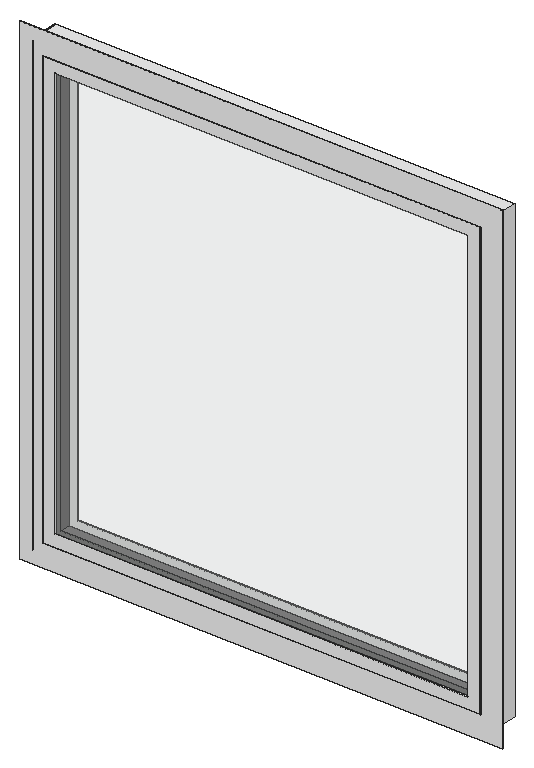
Revit family "Casement_34_C_Top_Hung_Custom", category Windows, host Wall, Revit 2014
Parameters (values of type "Casement_Sash_DG")
  Width Sash [instance] = 30 mm
  Width Sash Inner = 15 mm
  Width Bead = 15 mm
  Top Hung [instance] = yes
  Side Hung Right [instance] = yes
  Side Hung Left [instance] = yes
  Sash Opening Width [instance] = 600 mm
  Sash Opening Height [instance] = 600.312 mm
  Sash Lip = 15 mm
  Glazing Material [instance] = Glass
  DG Start Piece 2 [instance] = DG End Piece 1 + DG Gasket Thickness  # 25 mm
  DG Start Peice 1 [instance] = (Depth Sash - (2 * DG Glazing Thickness) - DG Gasket Thickness) / 2  # 6.6 mm
  Glazing Offset = 5 mm
  DG Glazing Thickness [instance] = 6.4 mm
  DG Gasket Thickness = 12 mm  # constant formula
  DG Gasket Material [instance] = Double Glazing Gasket Material
  DG End Piece 2 [instance] = DG Start Piece 2 + DG Glazing Thickness  # 31.4 mm
  DG End Piece 1 [instance] = DG Start Peice 1 + DG Glazing Thickness  # 13 mm
  Depth Sash [instance] = 38 mm
  Center Vertical Sash [instance] = Sash Opening Height / 2  # 300.156 mm
  Center Horizontal Sash [instance] = Sash Opening Width / 2  # 300 mm
  Bottom Hung [instance] = yes
  Bead Offset = 15 mm
  Aluminium Thickness = 1 mm
  Aluminium Material [instance] = White Powder Coated Aluminium
Reference planes
  plane 1 "Center (Front/Back)": y = 0
  plane 2: z = 0
  plane 3 "Center (Left/Right)": x = 0
Forms (mm)
  Sweep 1, solid, material "White Powder Coated Aluminium" <- "Aluminium Material"
    path origin (16.177, 0, 121.331) x (1, 0, 0) y (0, 0, 1)
      loop
        line (0, 0) -> (600, 0) -> (600, 600.312) -> (0, 600.312) -> (0, 0)
    profile origin (316.177, 0, 121.331) x (0, 0, 1) y (0, -1, 0)
      loop
        line (0, 0) -> (30, 0) -> (30, 1) -> (15, 1) -> (15, 38) -> (-15, 38) -> (-15, 37) -> (0, 37) -> (0, 0)
      loop
        line (14, 1) -> (14, 37) -> (1, 37) -> (1, 1) -> (14, 1)
  Sweep 2, solid, material "White Powder Coated Aluminium" <- "Aluminium Material"
    path origin (0, 0, 0) x (1, 0, 0) y (0, 0, 1)
      loop
        line (31.177, 706.643) -> (31.177, 136.331) -> (601.177, 136.331) -> (601.177, 706.643) -> (31.177, 706.643)
    profile origin (316.177, 0, 706.643) x (0, 0, 1) y (0, -1, 0)
      loop
        line (0, 37) -> (0, 38) -> (-15, 38) -> (-15, 37) -> (0, 37)
  Extrusion 3, solid, material "Glass" <- "Glazing Material"
    sketch origin (0, 0, 0) x (1, 0, 0) y (0, 0, 1)
      loop
        line (36.177, 701.643) -> (36.177, 141.331) -> (596.177, 141.331) -> (596.177, 701.643) -> (36.177, 701.643)
    from 6.6 <- "DG Start Peice 1" to 13 <- "DG End Piece 1"
  Extrusion 4, solid, material "Glass" <- "Glazing Material"
    sketch origin (0, 0, 0) x (1, 0, 0) y (0, 0, 1)
      loop
        line (36.177, 701.643) -> (36.177, 141.331) -> (596.177, 141.331) -> (596.177, 701.643) -> (36.177, 701.643)
    from 31.4 <- "DG End Piece 2" to 25 <- "DG Start Piece 2"
  Sweep 5, solid, material "Double Glazing Gasket Material" <- "DG Gasket Material"
    path origin (0, -13, 0) x (1, 0, 0) y (0, 0, 1)
      loop
        line (36.177, 701.643) -> (36.177, 141.331) -> (596.177, 141.331) -> (596.177, 701.643) -> (36.177, 701.643)
    profile origin (316.177, -13, 701.643) x (0, 0, 1) y (0, -1, 0)
      loop
        line (0, 0) -> (0, 12) -> (-7.96, 12) -> (-7.96, 0) -> (0, 0)
Lines and regions (mm)
  model lines
    curve 1: line (1.177, -38, 736.643) -> (31.177, -38, 706.643)
    curve 2: line (601.177, -38, 706.643) -> (631.177, -38, 736.643)
    curve 3: line (601.177, -38, 136.331) -> (631.177, -38, 106.331)
    curve 4: line (1.177, -38, 106.331) -> (31.177, -38, 136.331)
    curve 5: line (631.177, -37, 736.643) -> (616.177, -37, 721.643)
    curve 6: line (1.177, -37, 736.643) -> (16.177, -37, 721.643)
    curve 7: line (1.177, -37, 106.331) -> (16.177, -37, 121.331)
    curve 8: line (631.177, -37, 106.331) -> (616.177, -37, 121.331)
    curve 9: line (616.177, 0, 121.331) -> (586.177, 0, 151.331)
    curve 10: line (46.177, 0, 151.331) -> (16.177, 0, 121.331)
    curve 11: line (616.177, 0, 721.643) -> (586.177, 0, 691.643)
    curve 12: line (46.177, 0, 691.643) -> (16.177, 0, 721.643)
    curve 13: line (31.177, -38, 691.643) -> (46.177, -38, 691.643)
    curve 14: line (586.177, -38, 691.643) -> (601.177, -38, 691.643)
    curve 15: line (586.177, -38, 151.331) -> (601.177, -38, 151.331)
    curve 16: line (31.177, -38, 151.331) -> (46.177, -38, 151.331)
  model lines, style "GenericModelHiddenLines", visible <- "Top Hung"
    curve 17: line (46.386, -31.4, 690.914) -> (316.177, -31.4, 151.331)
    curve 18: line (316.177, -31.4, 151.331) -> (586.177, -31.4, 691.331)
  model lines, style "GenericModelHiddenLines", visible <- "Bottom Hung"
    curve 19: line (46.177, -31.4, 151.331) -> (316.177, -31.4, 691.331)
    curve 20: line (316.177, -31.4, 691.331) -> (586.177, -31.4, 151.331)
  model lines, style "GenericModelHiddenLines", visible <- "Side Hung Left"
    curve 21: line (46.386, -31.4, 690.914) -> (585.24, -31.4, 421.487)
    curve 22: line (585.24, -31.4, 421.487) -> (46.177, -31.4, 151.331)
  model lines, style "GenericModelHiddenLines", visible <- "Side Hung Right"
    curve 23: line (586.177, -31.4, 691.331) -> (46.177, -31.4, 421.487)
    curve 24: line (46.177, -31.4, 421.487) -> (586.177, -31.4, 151.331)
Dimensions and locks
  "Aluminium Thickness": Sweep 1 sketch curve to Sweep 1 sketch curve  (x4)
  "Depth Sash": Sweep 1 sketch curve to Sweep 1 sketch curve
  "Sash Opening Width": Sweep 1 to Sweep 1
  "Sash Opening Height": Sweep 1 to Sweep 1
  "Width Sash": Sweep 1 sketch curve to Sweep 1 sketch curve  (x2)
  "Width Sash Inner": Sweep 1 sketch curve to Sweep 1 sketch curve
  "Sash Lip": Sweep 1 sketch curve to Sweep 1 sketch curve
  "Aluminium Thickness": Sweep 1 to Sweep 2 sketch curve
  "Glazing Offset": Sweep 2 to Extrusion 3 sketch curve  (x3)
  "Glazing Offset": Extrusion 3 sketch curve to Sweep 2
  Sweep 1 to Sweep 1 = 1 mm
  "Aluminium Thickness": Sweep 2 sketch curve to Sweep 2 sketch curve
  "Width Bead": Sweep 2 sketch curve to Sweep 2 sketch curve
  locked: Sweep 5 sketch curve to Sweep 5 sketch curve at 7.96
  "Center Horizontal Sash": Sweep 1 to curve 18
  "Center Horizontal Sash": Sweep 1 to curve 20
  "Center Vertical Sash": Sweep 1 to curve 22
  "Center Vertical Sash": Sweep 1 to curve 24
  aligned and locked: level to plane 2
  aligned and locked: Sweep 1 sketch curve to Sweep 1 sketch curve  (x2)
  aligned and locked: Sweep 2 sketch curve to Sweep 1  (x5)
  aligned and locked: Extrusion 4 sketch curve to Extrusion 3  (x4)
  aligned and locked: Sweep 5 sketch curve to Extrusion 3  (x5)
  aligned and locked: Extrusion 3 to Sweep 5 sketch curve
Automatic sketch dimensions
  plane 3 "Center (Left/Right)" to Sweep 1 sketch curve = 16.177 mm
  level to Sweep 1 sketch curve = 121.331 mm
  plane 3 "Center (Left/Right)" to Sweep 1 sketch curve = 616.177 mm
  level to Sweep 1 sketch curve = 721.643 mm
  profile plane to Sweep 5 sketch curve = 12 mm
  curve 7 to Sweep 1 = 0 mm  (x4)
  curve 6 to Sweep 1 = 0 mm  (x3)
  Sweep 1 to curve 6 = 0 mm
  curve 5 to Sweep 1 = 0 mm  (x3)
  curve 8 to Sweep 1 = 0 mm  (x4)
  Sweep 1 to curve 5 = 0 mm
  curve 16 to Sweep 2 = 0 mm  (x3)
  curve 13 to Sweep 2 = 0 mm  (x3)
  curve 15 to Sweep 2 = 0 mm
  Sweep 2 to curve 15 = 0 mm  (x2)
  curve 14 to Sweep 2 = 0 mm  (x2)
  Sweep 2 to curve 14 = 0 mm
  curve 1 to Sweep 1 = 0 mm  (x4)
  curve 4 to Sweep 1 = 0 mm  (x3)
  Sweep 1 to curve 4 = 0 mm
  curve 3 to Sweep 1 = 0 mm  (x3)
  curve 2 to Sweep 1 = 0 mm  (x4)
  Sweep 1 to curve 3 = 0 mm
  curve 10 to Sweep 1 = 0 mm  (x4)
  curve 12 to Sweep 1 = 0 mm  (x3)
  Sweep 1 to curve 12 = 0 mm
  curve 9 to Sweep 1 = 0 mm  (x4)
  curve 11 to Sweep 1 = 0 mm  (x3)
  Sweep 1 to curve 11 = 0 mm
  Sweep 1 sketch curve to plane 1 "Center (Front/Back)" = 0 mm
  profile plane to Sweep 1 sketch curve = 0 mm
  curve 21 to Extrusion 4 = 10.208 mm
  curve 19 to Extrusion 4 = 10 mm
  curve 23 to Extrusion 4 = 10 mm  (x2)
  curve 22 to Extrusion 4 = 10.937 mm
  curve 20 to Extrusion 4 = 10 mm
  curve 24 to Extrusion 4 = 10 mm
  curve 22 to Extrusion 4 = 10 mm
  curve 18 to Extrusion 4 = 10 mm
  curve 21 to Extrusion 4 = 10.729 mm
  curve 19 to Extrusion 4 = 10.312 mm
  curve 18 to Extrusion 4 = 10.312 mm
